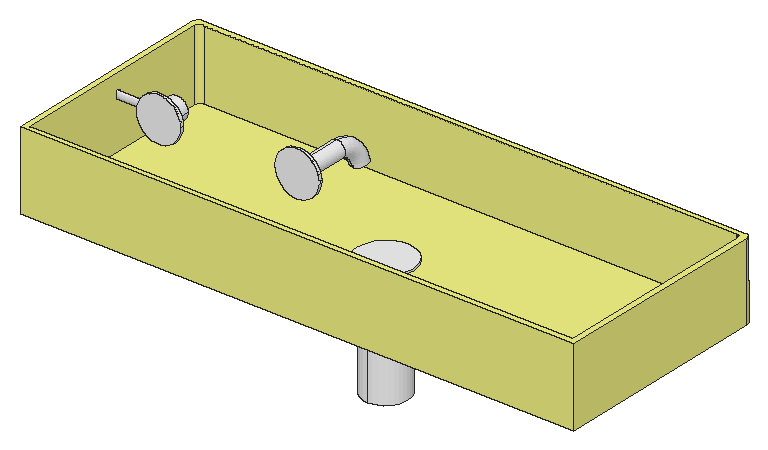
Revit family
Parameters (values of type "1000mm x 400mm")
  Robinetterie et tuyauterie = Métal - Chrome
  Manufacturer = ""
  Lavabos = Porcelaine - Jaune
  Hauteur = 800 mm
Reference planes
  plane 1 "Mur": y = 0
  plane 2 "Centre (gauche/droite)": x = 12.455
  plane 3 "Arrière": y = 75
  plane 4 "Plan de construction": z = 800
  plane 5: x = -487.545
  plane 6: x = 512.455
  plane 7: z = 1040
  plane 8: y = 275
  plane 9: x = -237.545
  plane 10: x = 262.455
  plane 11: y = 475
Forms (mm)
  Extrusion 1, solid, material "Porcelaine - Jaune" <- "Lavabos"
    sketch origin (0, 0, 800) x (0, 1, 0) y (-1, 0, 0)
      loop
        line (75, 487.545) -> (75, -512.455) -> (465, -512.455)
        arc (465, -512.455) -> (472.071, -509.526) -> (475, -502.455) r 10
        line (475, -502.455) -> (475, 477.545)
        arc (475, 477.545) -> (472.071, 484.616) -> (465, 487.545) r 10
        line (465, 487.545) -> (75, 487.545)
      loop
        line (455, 477.545) -> (85, 477.545) -> (85, -502.455) -> (455, -502.455)
        arc (455, -502.455) -> (462.071, -499.526) -> (465, -492.455) r 10
        line (465, -492.455) -> (465, 467.545)
        arc (465, 467.545) -> (462.071, 474.616) -> (455, 477.545) r 10
    from 0 to 140
  Extrusion 2, solid, material "Porcelaine - Jaune" <- "Lavabos"
    sketch origin (0, 0, 800) x (0, 1, 0) y (-1, 0, 0)
      loop
        arc (465, 467.545) -> (462.071, 474.616) -> (455, 477.545) r 10
        line (455, 477.545) -> (85, 477.545) -> (85, -502.455) -> (455, -502.455)
        arc (455, -502.455) -> (462.071, -499.526) -> (465, -492.455) r 10
        line (465, -492.455) -> (465, 467.545)
    from 0 to 13.572
  Extrusion 3, solid, material "Métal - Chrome" <- "Robinetterie et tuyauterie"
    sketch origin (0, 0, 813.572) x (0, 1, 0) y (-1, 0, 0)
      loop
        circle (275, -12.455) r 50
    from 0 to 3
  Sweep 4, solid, material "Métal - Chrome" <- "Robinetterie et tuyauterie"
    path origin (0, 0, 0) x (1, 0, 0) y (0, 0, 1)
      loop
        line (12.455, 800) -> (12.455, 600)
    profile origin (12.455, 0, 700) x (0, -1, 0) y (1, 0, 0)
      loop
        circle (-275, 0) r 40
  Extrusion 5, solid, material "Métal - Chrome" <- "Robinetterie et tuyauterie"
    sketch origin (-5000, 75, 0) x (-1, 0, 0) y (0, 0, 1)
      loop
        circle (-5012.455, 1040) r 40
    from 0 to 5
  Sweep 6, solid, material "Métal - Chrome" <- "Robinetterie et tuyauterie"
    path origin (12.455, 0, 0) x (0, 1, 0) y (0, 0, 1)
      loop
        line (80, 1040) -> (165, 1040)
        arc (165, 1040) -> (197.121, 1028.383) -> (214.381, 998.908) r 50.217
    profile origin (12.455, 122.5, 1040) x (0, 0, 1) y (1, 0, 0)
      loop
        circle (0, 0) r 15
  Extrusion 7, solid, material "Métal - Chrome" <- "Robinetterie et tuyauterie"
    sketch origin (-5000, 75, 0) x (-1, 0, 0) y (0, 0, 1)
      loop
        circle (-4762.455, 1040) r 40
    from 0 to 5
  Extrusion 8, solid, material "Métal - Chrome" <- "Robinetterie et tuyauterie"
    sketch origin (-5000, 80, 0) x (-1, 0, 0) y (0, 0, 1)
      loop
        circle (-4762.455, 1040) r 20
    from 0 to 36.076
  Sweep 9, solid, material "Métal - Chrome" <- "Robinetterie et tuyauterie"
    path origin (-5000, 75, 0) x (-1, 0, 0) y (0, 0, 1)
      loop
        line (-4762.455, 1040) -> (-4672.455, 1040)
    profile origin (-282.545, 75, 1040) x (0, 0, 1) y (0, 1, 0)
      loop
        spline (-7.06, 20) -> (-6.819, 19.167) -> (-6.114, 18.391) -> (-4.992, 17.725) -> (-3.53, 17.213) -> (-1.827, 16.892) -> (0, 16.782) -> (1.827, 16.892) -> (3.53, 17.213) -> (4.992, 17.725) -> (6.114, 18.391) -> (6.819, 19.167) -> (7.06, 20)
        spline (7.06, 20) -> (6.819, 20.833) -> (6.114, 21.609) -> (4.992, 22.275) -> (3.53, 22.787) -> (1.827, 23.108) -> (0, 23.218) -> (-1.827, 23.108) -> (-3.53, 22.787) -> (-4.992, 22.275) -> (-6.114, 21.609) -> (-6.819, 20.833) -> (-7.06, 20)
Cuts and joins
  joined: Extrusion 7, Extrusion 8, Sweep 9
Lines and regions (mm)
  Masking region 1
    outline origin (0, 0, 800) x (0, 1, 0) y (-1, 0, 0)
      loop
        line (465, 487.545) -> (75, 487.545) -> (75, -512.455) -> (465, -512.455)
        arc (465, -512.455) -> (472.071, -509.526) -> (475, -502.455) r 10
        line (475, -502.455) -> (475, 477.545)
        arc (475, 477.545) -> (472.071, 484.616) -> (465, 487.545) r 10
  symbolic lines
    curve 1: line (-477.545, 85, 800) -> (-477.545, 455, 800)
    curve 2: arc (-477.545, 455, 800) -> (-474.616, 462.071, 800) -> (-467.545, 465, 800) r 10
    curve 3: line (-467.545, 465, 800) -> (492.455, 465, 800)
    curve 4: arc (492.455, 465, 800) -> (499.526, 462.071, 800) -> (502.455, 455, 800) r 10
    curve 5: line (502.455, 455, 800) -> (502.455, 85, 800)
    curve 6: line (502.455, 85, 800) -> (27.455, 85, 800)
    curve 7: arc (12.455, 235, 800) -> (52.455, 275, 800) -> (12.455, 315, 800) r 40
    curve 8: arc (12.455, 315, 800) -> (-27.545, 275, 800) -> (12.455, 235, 800) r 40
    curve 9: spline (-2.545, 214.381, 800) -> (-2.034, 218.199, 800) -> (-0.535, 221.756, 800) -> (1.848, 224.811, 800) -> (4.955, 227.155, 800) -> (8.573, 228.629, 800) -> (12.455, 229.131, 800) -> (16.337, 228.629, 800) -> (19.955, 227.155, 800) -> (23.062, 224.811, 800) -> (25.445, 221.756, 800) -> (26.944, 218.199, 800) -> (27.455, 214.381, 800)
    curve 10: line (-327.545, 91.782, 800) -> (-327.545, 98.218, 800)
    curve 11: line (-257.545, 116.076, 800) -> (-217.545, 116.076, 800)
    curve 12: line (-277.545, 80, 800) -> (-197.545, 80, 800)
    curve 13: line (-27.545, 80, 800) -> (52.455, 80, 800)
    curve 14: line (-257.545, 116.076, 800) -> (-257.545, 80, 800)
    curve 15: line (-217.545, 116.076, 800) -> (-217.545, 80, 800)
    curve 16: line (-277.545, 80, 800) -> (-277.545, 75, 800)
    curve 17: line (-197.545, 80, 800) -> (-197.545, 75, 800)
    curve 18: line (-327.545, 98.218, 800) -> (-257.545, 98.218, 800)
    curve 19: line (-327.545, 91.782, 800) -> (-257.545, 91.782, 800)
    curve 20: line (-27.545, 80, 800) -> (-27.545, 75, 800)
    curve 21: line (52.455, 80, 800) -> (52.455, 75, 800)
    curve 22: line (27.455, 214.381, 800) -> (27.455, 80, 800)
    curve 23: line (-2.545, 214.381, 800) -> (-2.545, 80, 800)
    curve 24: line (-2.545, 85, 800) -> (-217.545, 85, 800)
    curve 25: line (-257.545, 85, 800) -> (-477.545, 85, 800)
Text (mm)
  text "Côté de la mise en place" at (-1848.837, 1116.779, 0), in view "Niveau de réf."
  text "Côté de la mise en place" at (0, 1409.804, 2854.306), in view "Gauche"
  text "Côté de la mise en place" at (0, 499.811, 2980.732), in view "Droite"
Dimensions and locks
  locked: plane 3 "Arrière" to host wall
  equal spacing: plane 5, plane 2 "Centre (gauche/droite)", plane 6
  plane 5 to plane 6 = 1000 mm
  "Hauteur": level to plane 4 "Plan de construction"
  locked: plane 4 "Plan de construction" to plane 7 at 240
  equal spacing: plane 5, plane 9, plane 2 "Centre (gauche/droite)"
  equal spacing: plane 2 "Centre (gauche/droite)", plane 10, plane 6
  aligned and locked: plane 1 "Mur" to host wall
  aligned and locked: Masking region 1 sketch curve to Extrusion 1  (x4)
  aligned and locked: curve 1 to Extrusion 1
  aligned and locked: curve 2 to Extrusion 1
  aligned and locked: curve 3 to Extrusion 1
  aligned and locked: curve 4 to Extrusion 1
  aligned and locked: curve 5 to Extrusion 1
  aligned and locked: curve 6 to Extrusion 1
  aligned and locked: curve 7 to Sweep 4
  aligned and locked: curve 8 to Sweep 4
  aligned and locked: curve 10 to cut or joined group of Extrusion 7, Extrusion 8, Sweep 9
  aligned and locked: curve 11 to cut or joined group of Extrusion 7, Extrusion 8, Sweep 9
  aligned and locked: curve 12 to cut or joined group of Extrusion 7, Extrusion 8, Sweep 9
  aligned and locked: curve 13 to Extrusion 5
  aligned and locked: plane 11 to Extrusion 1
Automatic sketch dimensions
  Extrusion 3 sketch curve to plane 2 "Centre (gauche/droite)" = 0 mm
  Extrusion 3 sketch curve to plane 8 = 0 mm
  Sweep 4 sketch curve to profile plane = 0 mm
  Sweep 4 sketch curve to plane 1 "Mur" = 275 mm
  Sweep 4 sketch curve to plane 2 "Centre (gauche/droite)" = 0 mm
  Sweep 4 sketch curve to plane 4 "Plan de construction" = 0 mm
  Sweep 4 sketch curve to Sweep 4 sketch curve = 200 mm
  Extrusion 5 sketch curve to plane 2 "Centre (gauche/droite)" = 0 mm
  Extrusion 5 sketch curve to plane 7 = 0 mm
  Sweep 6 sketch curve to plane 7 = 0 mm
  Sweep 6 sketch curve to plane 3 "Arrière" = 5 mm
  Sweep 6 sketch curve to plane 3 "Arrière" = 90 mm
  plane 7 to Sweep 6 sketch curve = 41.092 mm
  Sweep 6 sketch curve to Sweep 6 sketch curve = 49.381 mm
  Sweep 6 sketch curve to plane 2 "Centre (gauche/droite)" = 0 mm
  Sweep 6 sketch curve to profile plane = 0 mm
  Extrusion 7 sketch curve to plane 7 = 0 mm
  Extrusion 7 sketch curve to plane 9 = 0 mm
  Extrusion 8 sketch curve to plane 7 = 0 mm
  Extrusion 8 sketch curve to plane 9 = 0 mm
  Sweep 9 sketch curve to plane 7 = 0 mm
  Sweep 9 sketch curve to plane 9 = 0 mm
  Sweep 9 sketch curve to plane 9 = 90 mm
  Sweep 9 sketch curve to profile plane = 0 mm
  profile plane to Sweep 9 sketch curve = 20 mm
  Extrusion 1 sketch curve to host wall = 0 mm
  Extrusion 1 sketch curve to plane 5 = 0 mm
  Extrusion 1 sketch curve to plane 6 = 0 mm
  host wall to Extrusion 1 sketch curve = 10 mm
  plane 5 to Extrusion 1 sketch curve = 10 mm  (x2)
  Extrusion 1 sketch curve to plane 8 = 180 mm  (x2)
  Extrusion 1 sketch curve to plane 6 = 10 mm
  Extrusion 1 sketch curve to Extrusion 1 sketch curve = 10 mm  (x2)
  Extrusion 1 sketch curve to Extrusion 1 sketch curve = 0 mm
  host wall to Extrusion 2 sketch curve = 10 mm
  plane 5 to Extrusion 2 sketch curve = 10 mm
  Extrusion 2 sketch curve to plane 8 = 180 mm
  Extrusion 2 sketch curve to plane 6 = 10 mm
  Extrusion 2 sketch curve to Extrusion 2 sketch curve = 10 mm  (x2)
  curve 20 to host wall = 0 mm
  curve 17 to host wall = 0 mm
  curve 16 to host wall = 0 mm
  curve 21 to host wall = 0 mm
  curve 9 to plane 2 "Centre (gauche/droite)" = 0 mm
  host wall to curve 23 = 5 mm
  host wall to curve 6 = 10 mm
  curve 23 to curve 24 = 5 mm
  curve 14 to curve 25 = 5 mm
  curve 25 to curve 19 = 6.782 mm
  curve 19 to curve 18 = 6.436 mm
  curve 9 to curve 7 = 20.619 mm
  curve 4 to plane 6 = 20 mm
  curve 4 to plane 8 = 180 mm
  plane 5 to curve 1 = 10 mm
  curve 1 to plane 8 = 180 mm
  curve 4 to curve 4 = 10 mm
  plane 2 "Centre (gauche/droite)" to curve 21 = 40 mm
  plane 2 "Centre (gauche/droite)" to curve 22 = 15 mm
  curve 23 to curve 20 = 25 mm
  plane 9 to curve 17 = 40 mm
  plane 9 to curve 24 = 20 mm
  curve 11 to plane 9 = 20 mm
  curve 14 to curve 16 = 20 mm
  radius of Extrusion 3 sketch curve = 50 mm
  radius of Sweep 4 sketch curve = 40 mm
  radius of Extrusion 5 sketch curve = 40 mm
  radius of Sweep 6 sketch curve = 15 mm
  radius of Extrusion 7 sketch curve = 40 mm
  radius of Extrusion 8 sketch curve = 20 mm
